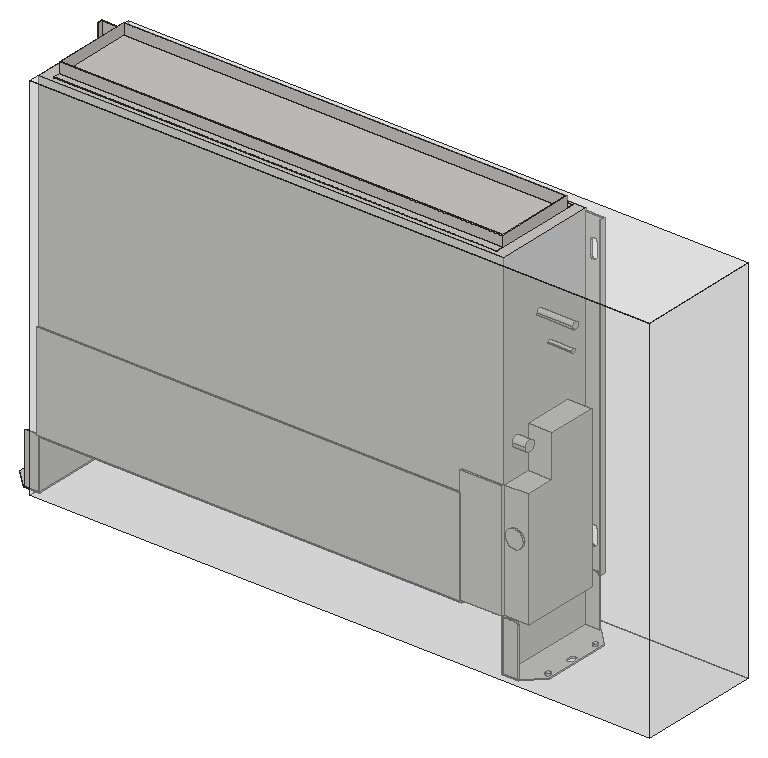
Revit family "outputfile", category 機械設備, Revit 2024
Family settings
  丸型コネクタ寸法 = 半径を使用
  パーツ タイプ = 標準
  OmniClass 番号 = 23.75.10.24.21.27.27
  OmniClass タイトル = Split System Air Conditioning Units
  作業面ベース = いいえ
  常に垂直 = はい
  ロード時にボイドで切り取り = いいえ
  注釈の向きを維持 = いいえ
  共有 = いいえ
  部屋計算ポイント = いいえ
Parameters (values of type "FXNQ50A2VEB")
  Description = ""
  製造元 = "Daikin"
  書き出し IFC クラス(タイプ) = "IfcUnitaryEquipmentType"
  定義済み IFC タイプ(タイプ) = "AIRCONDITIONINGUNIT"
  Cost = 0
  モデル = "FXNQ50A2VEB"
  Type Comments = ""
  Keynote = ""
  Type Image = (empty or 0)
  Assembly Code = ""
  w_hangerfixture = 0.0 mm
  w_dischargeflange = 862.0 mm
  r_Liquid Pipe Size = Liquid Pipe Size / 2  # 3.2 mm
  r_Gas Pipe Size = Gas Pipe Size / 2  # 6.35 mm
  w_mounting foot = 1030.0 mm
  r_Drain Pipe Size = Drain Pipe Size / 2  # 10.0 mm
  h_mountinghole = [h***] + 1.6 mm  # 1.6 mm
  lh_liquidpipe = 193.0 mm
  lh_gaspipe = 130.0 mm
  lh_drainpipe = 330.0 mm
  lh_antena = 725.8 mm  # constant formula
  ld_liquidpipe = 90.0 mm
  ld_gaspipe = 114.0 mm
  ld_drainpipe = 171.0 mm
  h*** = 0.0 mm  # constant formula
  w_front suction = 801.0 mm
  d_pipe_2 = 27.3 mm  # constant formula
  d_pipe_1 = 47.6 mm  # constant formula
  d_pipe = 71.2 mm  # constant formula
  Width = 904.8 mm
  Voltage_comment_60Hz = "220"
  Voltage_comment_50Hz = "220-240"
  Voltage_60Hz = 220 V
  Voltage_50Hz = 220 V
  Version = "ver.1.0"
  Unit Type = "Concealed Floor Standing Type"
  Unit Mass Weight = 27.50 kg
  Unit Designation [instance] = ""
  Uniclass2015Version = "Products v1.30"
  Uniclass2015Title = "Variable refrigerant flow units"
  Uniclass2015Code = "Pr_70_65_03_94"
  URL = ""
  Total Heating Capacity [instance] = 0.000 kW
  Total Cooling Capacity [instance] = 0.000 kW
  Sound Pressure Level_M speed (dBA) = 0
  Sound Pressure Level_L speed (dBA) = 29
  Sound Pressure Level_H speed (dBA) = 33
  Series = "VRV Fan Coil Unit"
  Sensible Cooling Capacity [instance] = 0.000 kW
  SA Duct Size Width = 860.0 mm
  SA Duct Size Height = 154.0 mm
  Refrigerant Type = "R410A"
  Power Input (Heating) = 0.096 kW
  Power Input (Cooling) = 0.099 kW
  Phase_60Hz = 1
  Phase_50Hz = 1
  Option Accessory 3 [instance] = ""
  Option Accessory 2 [instance] = ""
  Option Accessory 1 [instance] = ""
  Nominal Heating Capacity = 6.300 kW
  Nominal Cooling Capacity = 5.600 kW
  Minimum External Static Pressure = 0.00 Pa
  Minimum Circuit Amps_60Hz = 0.5 A
  Minimum Circuit Amps_50Hz = 0.5 A
  Minimum Airflow = 600.00 m³/h
  Median Airflow = 660.00 m³/h
  Maximum Fuse Amps_60Hz = 16.0 A
  Maximum Fuse Amps_50Hz = 16.0 A
  Maximum External Static Pressure = 59.00 Pa
  Maximum Airflow = 750.00 m³/h
  Material_Casing = DAIKIN_GalvanizedSteel_Casing_indoorunit
  Load Classification = HVAC
  Liquid Pipe Size = 6.4 mm
  Link_Nested Family [instance] = ""
  IfcVersion = "0"
  IfcExportType = "AIRCONDITIONINGUNIT"
  IfcExportAs = "IfcUnitaryEquipmentType"
  Height = 623.4 mm
  Heating Entering Wet Bulb Temperature [instance] = 0.00 °C
  Heating Entering Dry Bulb Temperature [instance] = 0.00 °C
  Heating Ambient Wet Bulb Temperature [instance] = 0.00 °C
  Heating Ambient Dry Bulb Temperature [instance] = 0.00 °C
  Heat Exchanger Type = "Cross Fin Coil"
  Gas Pipe Size = 12.7 mm
  Frequency_60Hz = 60 Hz
  Frequency_50Hz = 50 Hz
  Fan Type = "Sirocco Fan"
  Fan Drive = "Direct Drive"
  FCU Tag No. [instance] = ""
  Drain Pipe Size = 20.0 mm
  Design Supply Airflow [instance] = 0.00 m³/h
  Design External Static Pressure [instance] = 0.00 Pa
  Depth = 200.0 mm
  既定の高さ = 0.0 mm
  Cooling Entering Wet Bulb Temperature [instance] = 0.00 °C
  Cooling Entering Dry Bulb Temperature [instance] = 0.00 °C
  Cooling Ambient Wet Bulb Temperature [instance] = 0.00 °C
  Cooling Ambient Dry Bulb Temperature [instance] = 0.00 °C
  Clearance visibility [instance] = yes
  Clearance Top = 0.0 mm
  Clearance Right = 300.0 mm
  Clearance Rear = 20.0 mm
  Clearance Left = 0.0 mm
  Clearance Front = 20.0 mm
  Clearance Bottom = 100.0 mm
Reference planes
  plane 1 "Back": y = 0
  plane 2: z = 0
  plane 3 "Center (Left/Right)": x = 0
  plane 4 "Center (Front/Back)": y = -100
  plane 5 "Front": y = -200
  plane 6 "Left": x = -452.4
  plane 7 "Right": x = 452.4
  plane 8 "Top": z = 726.4
  plane 9: z = 103
  plane 10 "lh_liquidpipe": z = 533.4
  plane 11 "ld_liquidpipe": y = -90
  plane 12 "ld_gaspipe": y = -114
  plane 13 "lh_gaspipe": z = 596.4
  plane 14 "lh_drainpipe": z = 396.4
  plane 15 "ld_drainpipe": y = -171
  plane 16: x = 500
  plane 17: x = 523.6
  plane 18: x = -440
  plane 19: x = 361
  plane 20: z = 111.4
  plane 21: z = 290.8
  plane 22 "lw_powersupply": x = 476.2
  plane 23 "ld_powersupply": y = -150
  plane 24: y = -10
  plane 25: y = -190
  plane 26: x = 515
  plane 27: x = -515
  plane 28: x = 479.7
  plane 29: x = -490
  plane 30: x = 490
  plane 31: z = 723
  plane 32: z = 747.6
  plane 33: z = 726.4
  plane 34: z = 3
  plane 35: x = -452.4
  plane 36: x = 752.4
  plane 37: y = -220
  plane 38: y = 20
  plane 39: x = -505
  plane 40: x = 505
  plane 41: y = -97.5
  plane 42 "Bottom": z = 0
Forms (mm)
  Extrusion 1, solid, material "DAIKIN_GalvanizedSteel_Casing_indoorunit" <- "Material_Casing"
    sketch origin (0, 0, 0) x (1, 0, 0) y (0, 1, 0)
      loop
        line (-452.4, 0) -> (-452.4, -200) -> (452.4, -200) -> (452.4, 0) -> (-452.4, 0)
    from 103 to 726.4
  Extrusion 2, solid, material "DAIKIN_GalvanizedSteel_Casing_indoorunit" <- "Material_Casing"
    sketch origin (452.4, 0, 0) x (0, -1, 0) y (0, 0, -1)
      loop
        circle (90, -533.4) r 3.2
    from 0 to 47.6
  Extrusion 3, solid, material "DAIKIN_GalvanizedSteel_Casing_indoorunit" <- "Material_Casing"
    sketch origin (452.4, 0, 0) x (0, -1, 0) y (0, 0, -1)
      loop
        circle (114, -596.4) r 6.35
    from 0 to 71.2
  Extrusion 4, solid, material "DAIKIN_GalvanizedSteel_Casing_indoorunit" <- "Material_Casing"
    sketch origin (0, -200, 0) x (-1, 0, 0) y (0, 0, 1)
      loop
        line (452.4, 290.8) -> (-371.8, 290.8) -> (-371.8, 103) -> (452.4, 103) -> (452.4, 290.8)
    from 0 to -5
  Extrusion 5, solid, material "DAIKIN_GalvanizedSteel_Casing_indoorunit" <- "Material_Casing"
    sketch origin (452.4, 0, 0) x (0, 1, 0) y (0, 0, 1)
      loop
        line (-198.4, 103.6) -> (-46, 103.6) -> (-46, 413.6) -> (-142.2, 413.6) -> (-142.2, 331.6) -> (-198.4, 331.6) -> (-198.4, 103.6)
    from 0 to 47.6
  Extrusion 6, solid, material "DAIKIN_GalvanizedSteel_Casing_indoorunit" <- "Material_Casing"
    sketch origin (0, 0, 103) x (-1, 0, 0) y (0, -1, 0)
      loop
        line (452.4, 0) -> (452.4, 200) -> (-371.8, 200) -> (-371.8, 0) -> (452.4, 0)
    from 0 to -5
  Extrusion 7, solid, material "DAIKIN_GalvanizedSteel_Casing_indoorunit" <- "Material_Casing"
    sketch origin (452.4, 0, 0) x (0, 1, 0) y (0, 0, 1)
      loop
        circle (-171, 396.4) r 10
    from 0 to 27.3
  Extrusion 8, solid, material "DAIKIN_GalvanizedSteel_Casing_indoorunit" <- "Material_Casing"
    sketch origin (0, 0, 103) x (-1, 0, 0) y (0, -1, 0)
      loop
        line (452.4, 0) -> (490, 0) -> (490, 10) -> (487.7, 10) -> (487.7, 2.3) -> (452.4, 2.3) -> (452.4, 0)
    from 0 to 620
  Extrusion 9, solid, material "DAIKIN_GalvanizedSteel_Casing_indoorunit" <- "Material_Casing"
    sketch origin (0, 0, 103) x (1, 0, 0) y (0, 1, 0)
      loop
        line (452.4, 0) -> (452.4, -2.3) -> (487.7, -2.3) -> (487.7, -10) -> (490, -10) -> (490, 0) -> (452.4, 0)
    from 0 to 620
  Extrusion 10, void
    sketch origin (-452.4, -2.3, 103) x (1, 0, 0) y (0, 0, -1)
      loop
        line (-24.6, -547) -> (-24.6, -573)
        arc (-24.6, -573) -> (-17.6, -580) -> (-10.6, -573) r 7
        line (-10.6, -573) -> (-10.6, -547)
        arc (-10.6, -547) -> (-17.6, -540) -> (-24.6, -547) r 7
      loop
        arc (929.4, -547) -> (922.4, -540) -> (915.4, -547) r 7
        line (915.4, -547) -> (915.4, -573)
        arc (915.4, -573) -> (922.4, -580) -> (929.4, -573) r 7
        line (929.4, -573) -> (929.4, -547)
      loop
        line (-24.6, -47) -> (-24.6, -73)
        arc (-24.6, -73) -> (-17.6, -80) -> (-10.6, -73) r 7
        line (-10.6, -73) -> (-10.6, -47)
        arc (-10.6, -47) -> (-17.6, -40) -> (-24.6, -47) r 7
      loop
        arc (929.4, -47) -> (922.4, -40) -> (915.4, -47) r 7
        line (915.4, -47) -> (915.4, -73)
        arc (915.4, -73) -> (922.4, -80) -> (929.4, -73) r 7
        line (929.4, -73) -> (929.4, -47)
    from 0 to 250
  Extrusion 11, solid, material "DAIKIN_GalvanizedSteel_Casing_indoorunit" <- "Material_Casing"
    sketch origin (452.4, -200, 0) x (-1, 0, 0) y (0, 0, -1)
      loop
        line (80.6, -331.6) -> (80.6, -104.6) -> (0, -104.6) -> (0, -331.6) -> (80.6, -331.6)
    from 0 to 5
  Extrusion 12, solid, material "DAIKIN_GalvanizedSteel_Casing_indoorunit" <- "Material_Casing"
    sketch origin (452.4, -198.4, 331.6) x (0, 0, -1) y (1, 0, 0)
      loop
        circle (86.6, 21.8) r 17.5
    from 0 to 2.6
Cuts and joins
  Extrusion 10 cuts Extrusion 8
  Extrusion 10 cuts Extrusion 9
Dimensions and locks
  "Height": plane 8 "Top" to plane 9
  "Depth": plane 1 "Back" to plane 5 "Front"
  equal spacing: plane 5 "Front", plane 4 "Center (Front/Back)", plane 1 "Back"
  "Width": plane 6 "Left" to plane 7 "Right"
  equal spacing: plane 6 "Left", plane 3 "Center (Left/Right)", plane 7 "Right"
  "ld_liquidpipe": plane 11 "ld_liquidpipe" to plane 1 "Back"
  "lh_liquidpipe": plane 8 "Top" to plane 10 "lh_liquidpipe"
  "ld_gaspipe": plane 12 "ld_gaspipe" to plane 1 "Back"
  "lh_gaspipe": plane 8 "Top" to plane 13 "lh_gaspipe"
  "lh_drainpipe": plane 8 "Top" to plane 14 "lh_drainpipe"
  "ld_drainpipe": plane 15 "ld_drainpipe" to plane 1 "Back"
  "d_pipe_1": plane 16 to plane 7 "Right"
  "d_pipe": plane 17 to plane 7 "Right"
  plane 21 to plane 20 to plane 9 = 179.4 mm locked, 8.4 mm locked
  locked: plane 18 to plane 29 at 50
  "w_front suction": plane 19 to plane 18
  locked: Extrusion 5 sketch curve to Extrusion 5 sketch curve at 96.2
  locked: Extrusion 5 sketch curve to Extrusion 5 sketch curve at 310
  locked: Extrusion 5 sketch curve to Extrusion 5 sketch curve at 152.4
  locked: Extrusion 5 sketch curve to Extrusion 5 sketch curve at 228
  locked: Extrusion 5 sketch curve to plane 9 at 0.6
  locked: plane 7 "Right" to plane 22 "lw_powersupply" at 23.8
  locked: plane 23 "ld_powersupply" to plane 5 "Front" at 50
  locked: plane 24 to plane 1 "Back" at 10
  locked: plane 25 to plane 5 "Front" at 10
  equal spacing: plane 26, plane 3 "Center (Left/Right)", plane 27
  "w_mounting foot": plane 26 to plane 27
  locked: Extrusion 5 sketch curve to plane 1 "Back" at 46
  "d_pipe_2": plane 28 to plane 7 "Right"
  locked: plane 30 to plane 7 "Right" at 37.6
  locked: plane 6 "Left" to plane 29 at 37.6
  locked: Extrusion 10 sketch curve to Extrusion 10 sketch curve at 14  (x6)
  locked: Extrusion 10 sketch curve to Extrusion 10 sketch curve at 26  (x6)
  locked: plane 8 "Top" to plane 31 at 3.4
  locked: cut or joined group of Extrusion 8, Extrusion 10 to Extrusion 10 sketch curve at 17.6
  locked: cut or joined group of Extrusion 8, Extrusion 10 to Extrusion 10 sketch curve at 47
  locked: Extrusion 9 to Extrusion 10 sketch curve at 47
  locked: Extrusion 10 sketch curve to Extrusion 1 at 17.6  (x3)
  locked: Extrusion 10 sketch curve to Extrusion 10 sketch curve at 474  (x2)
  locked: plane 32 to plane 8 "Top" at 21.2
  "Clearance Right": plane 36 to plane 7 "Right"
  "Clearance Left": plane 6 "Left" to plane 35
  "Clearance Bottom": plane 9 to plane 34
  "Clearance Top": plane 33 to plane 8 "Top"
  "Clearance Front": plane 5 "Front" to plane 37
  "Clearance Rear": plane 1 "Back" to plane 38
  locked: plane 27 to plane 39 at 10
  locked: plane 40 to plane 26 at 10
  locked: plane 41 to plane 4 "Center (Front/Back)" at 2.5
  "h***": plane 42 "Bottom" to plane 2
  locked: plane 9 to plane 42 "Bottom" at 103
  locked: Extrusion 11 sketch curve to Extrusion 11 sketch curve at 227
  locked: Extrusion 11 sketch curve to Extrusion 11 sketch curve at 80.6
  locked: Extrusion 11 sketch curve to plane 9 at 1.6
  locked: Extrusion 12 sketch curve to plane 9 at 142
  locked: Extrusion 12 sketch curve to plane 7 "Right" at 21.8
  "Liquid Pipe Size": diameter of Extrusion 2 sketch curve
  "Gas Pipe Size": diameter of Extrusion 3 sketch curve
  "Drain Pipe Size": diameter of Extrusion 7 sketch curve
  aligned and locked: level to plane 2
  aligned and locked: plane 1 "Back" to Extrusion 1 sketch curve
  aligned and locked: plane 6 "Left" to Extrusion 1 sketch curve
  aligned and locked: plane 5 "Front" to Extrusion 1 sketch curve
  aligned and locked: Extrusion 1 sketch curve to plane 7 "Right"
  aligned and locked: plane 8 "Top" to Extrusion 1
  aligned and locked: Extrusion 1 to plane 9
  aligned and locked: plane 9 to nested 1
  aligned and locked: nested 1 to plane 4 "Center (Front/Back)"
  aligned and locked: plane 4 "Center (Front/Back)" to nested 2
  aligned and locked: nested 2 to plane 9
  aligned and locked: plane 11 "ld_liquidpipe" to Extrusion 2 sketch curve
  aligned and locked: plane 10 "lh_liquidpipe" to Extrusion 2 sketch curve
  aligned and locked: plane 16 to Extrusion 2
  aligned and locked: plane 13 "lh_gaspipe" to Extrusion 3 sketch curve
  aligned and locked: plane 12 "ld_gaspipe" to Extrusion 3 sketch curve
  aligned and locked: plane 17 to Extrusion 3
  aligned and locked: plane 21 to Extrusion 4 sketch curve
  aligned and locked: plane 5 "Front" to Extrusion 4
  aligned and locked: plane 22 "lw_powersupply" to nested 3
  aligned and locked: plane 23 "ld_powersupply" to nested 3
  aligned and locked: plane 9 to Extrusion 6
  aligned and locked: nested 1 to plane 26
  aligned and locked: nested 2 to plane 27
  aligned and locked: plane 16 to Extrusion 5
  aligned and locked: Extrusion 5 to nested 3
  aligned and locked: plane 14 "lh_drainpipe" to Extrusion 7 sketch curve
  aligned and locked: plane 15 "ld_drainpipe" to Extrusion 7 sketch curve
  aligned and locked: plane 28 to Extrusion 7
  aligned and locked: nested 4 to plane 12 "ld_gaspipe"
  aligned and locked: nested 4 to Extrusion 3
  aligned and locked: nested 5 to Extrusion 2
  aligned and locked: Extrusion 7 to plane 7 "Right"
  aligned and locked: nested 4 to plane 13 "lh_gaspipe"
  aligned and locked: nested 5 to plane 10 "lh_liquidpipe"
  aligned and locked: nested 6 to plane 15 "ld_drainpipe"
  aligned and locked: plane 28 to nested 6
  aligned and locked: nested 6 to plane 14 "lh_drainpipe"
  aligned and locked: Extrusion 8 to plane 9
  aligned and locked: plane 30 to Extrusion 9
  aligned and locked: Extrusion 9 to plane 7 "Right"
  aligned and locked: Extrusion 8 to plane 29
  aligned and locked: Extrusion 9 to plane 9
  aligned and locked: plane 31 to cut or joined group of Extrusion 8, Extrusion 10
  aligned and locked: plane 31 to Extrusion 9
  aligned and locked: plane 8 "Top" to nested 7
  aligned and locked: nested 7 to plane 32
  aligned and locked: plane 3 "Center (Left/Right)" to nested 7
  aligned and locked: nested 8 to plane 38
  aligned and locked: nested 8 to plane 37
  aligned and locked: plane 33 to nested 8
  aligned and locked: plane 34 to nested 8
  aligned and locked: plane 35 to nested 8
  aligned and locked: plane 36 to nested 8
  aligned and locked: nested 9 to plane 4 "Center (Front/Back)"
  aligned and locked: plane 40 to nested 9
  aligned and locked: nested 10 to plane 4 "Center (Front/Back)"
  aligned and locked: plane 39 to nested 10
  aligned and locked: plane 41 to nested 7
  aligned and locked: Extrusion 11 sketch curve to plane 7 "Right"
  aligned and locked: plane 6 "Left" to Extrusion 4 sketch curve
  aligned and locked: plane 9 to Extrusion 4 sketch curve
  aligned and locked: Extrusion 11 to Extrusion 4 sketch curve
  aligned and locked: plane 1 "Back" to Extrusion 6 sketch curve
  aligned and locked: plane 5 "Front" to Extrusion 6 sketch curve
  aligned and locked: Extrusion 6 to plane 6 "Left"
  aligned and locked: Extrusion 6 to Extrusion 11
Automatic sketch dimensions
  Extrusion 1 sketch curve to plane 5 "Front" = 0.0 mm
  plane 1 "Back" to Extrusion 8 sketch curve = 0.0 mm
  Extrusion 8 sketch curve to plane 6 "Left" = 0.0 mm
  plane 24 to Extrusion 8 sketch curve = 0.0 mm
  Extrusion 8 sketch curve to plane 29 = 0.0 mm
  plane 29 to Extrusion 8 sketch curve = 2.3 mm
  plane 1 "Back" to Extrusion 8 sketch curve = 2.3 mm
  plane 1 "Back" to Extrusion 9 sketch curve = 0.0 mm
  Extrusion 9 sketch curve to plane 7 "Right" = 0.0 mm
  plane 24 to Extrusion 9 sketch curve = 0.0 mm
  Extrusion 9 sketch curve to plane 30 = 0.0 mm
  Extrusion 9 sketch curve to plane 30 = 2.3 mm
  plane 1 "Back" to Extrusion 9 sketch curve = 2.3 mm
  plane 27 to Extrusion 6 sketch curve = 62.6 mm
  Extrusion 6 sketch curve to plane 36 = 380.6 mm
  radius of Extrusion 12 sketch curve = 17.5 mm
Nested families
  nested 1: "daikin_hangerfixture_FXNQ-A2VEB" at (515, -100, 103) x (0, -1, 0) z (0, 0, 1), type "daikin_hangerfixture_FXNQ-A2VEB"
  nested 2: "daikin_hangerfixture_FXNQ-A2VEB" at (-515, -100, 103) x (0, -1, 0) z (0, 0, 1), type "daikin_hangerfixture_FXNQ-A2VEB"
  nested 3: "daikin_connector_rotate2" at (476.2, -150, 153.6) x (1, 0, 0) z (0, -1, 0), type "daikin_connector_rotate2"
    with radius 10.0 mm, length 50.0 mm, angle_vertical 90.00°, show_face no
  nested 4: "daikin_connector_rotate2" at (452.45, -114, 596.4) x (0, 1, 0) z (0, 0, 1), radius <- "r_Gas Pipe Size", type "daikin_connector_rotate2"
    with radius 6.35 mm, length 71.15 mm, angle_vertical 90.00°, show_face no
  nested 5: "daikin_connector_rotate2" at (452.4, -90, 533.4) x (0, 1, 0) z (0, 0, 1), radius <- "r_Liquid Pipe Size", type "daikin_connector_rotate2"
    with radius 3.2 mm, length 47.6 mm, angle_vertical 90.00°, show_face no
  nested 6: "daikin_connector_rotate2" at (452.4, -171, 396.4) x (0, 1, 0) z (0, 0, 1), radius <- "r_Drain Pipe Size", type "daikin_connector_rotate2"
    with radius 10.0 mm, length 27.3 mm, angle_vertical 90.00°, show_face no
  nested 7: "daikin_ductflange_FXNQ-A2VEB" at (0, -189, 726.4) x (1, 0, 0) z (0, 1, 0), width <- "w_dischargeflange", material <- "Material_Casing", type "daikin_ductflange_FXNQ-A2VEB"
    with width 862.0 mm, material DAIKIN_GalvanizedSteel_Casing_indoorunit, height 183.0 mm, depth 21.2 mm
  nested 8: "daikin_clearancespace" at (150, -100, 364.819), visible <- "Clearance visibility", show <- "Clearance visibility", Link_Nested Family <- "Link_Nested Family", type "daikin_clearancespace"
    with width 1204.8 mm, show yes, height 723.4 mm, depth 240.0 mm, Link_Nested Family ""
  nested 9: "daikin_mountinghole" at (505, -100, 0), Link_Nested Family <- "Link_Nested Family", h_mountinghole <- "h_mountinghole", l_antenna <- "lh_antena", type "daikin_mountinghole"
    with show yes, l_antenna 725.8 mm, h_mountinghole 1.6 mm, Link_Nested Family ""
  nested 10: "daikin_mountinghole" at (-505, -100, 0), Link_Nested Family <- "Link_Nested Family", h_mountinghole <- "h_mountinghole", l_antenna <- "lh_antena", type "daikin_mountinghole"
    with show yes, l_antenna 725.8 mm, h_mountinghole 1.6 mm, Link_Nested Family ""
Connectors
  electrical at (476.2, -150, 103.6), driven by "Load Classification"
    settings: on nested 3, index 4, voltage 0 V, apparent load 0 VA, apparent load phase1 0 VA, apparent load phase2 0 VA, apparent load phase3 0 VA, power factor 1, load classification "HVAC", number of poles 1, system type 30, power factor state 1, is connector primary yes, connector utility no, sub classification motor no, connector description "Power Supply"
  piping at (523.6, -114, 596.4), diameter 12.7, driven by "r_Gas Pipe Size"
    settings: on nested 4, index 6, connector inside diameter 609.6 mm, connector length 0.0 mm, flow factor 0, pipe flow 0.00 m³/h, pressure drop 0.0 Pa, fitting loss kfactor 0, connector angle 0.00°, fixture units 0, engagement length 0.0 mm, angle of deflection 0.00°, flow configuration 1, flow direction 2, fitting loss method 0, system type 29, joint type 0, gender type 0, connector reference index -1, connector utility 0, adjustable connector no, is connector primary yes, connector description "Refrigerant Gas Piping"
  piping at (500, -90, 533.4), diameter 6.4, driven by "r_Liquid Pipe Size"
    settings: on nested 5, index 7, connector inside diameter 609.6 mm, connector length 0.0 mm, flow factor 0, pipe flow 0.00 m³/h, pressure drop 0.0 Pa, fitting loss kfactor 0, connector angle 0.00°, fixture units 0, engagement length 0.0 mm, angle of deflection 0.00°, flow configuration 1, flow direction 1, fitting loss method 0, system type 29, joint type 0, gender type 0, connector reference index -1, connector utility 0, adjustable connector no, is connector primary no, connector description "Refrigerant Liquid Piping"
  piping at (479.7, -171, 396.4), diameter 20, driven by "r_Drain Pipe Size"
    settings: on nested 6, index 8, connector inside diameter 609.6 mm, connector length 0.0 mm, flow factor 0, pipe flow 0.00 m³/h, pressure drop 0.0 Pa, fitting loss kfactor 0, connector angle 0.00°, fixture units 0, engagement length 0.0 mm, angle of deflection 0.00°, flow configuration 1, flow direction 2, fitting loss method 4, system type 16, joint type 0, gender type 0, connector reference index -1, connector utility 0, adjustable connector no, is connector primary no, connector description "Condensate Drain Piping"
  hvac at (0, -97.5, 747.6), driven by "SA Duct Size Width", driven by "SA Duct Size Height"
    settings: on nested 7, index 9, duct flow 0.00 m³/h, flow factor 0, pres drop 0.00 Pa, loss coef 0, conn angle 0.00°, conn width 860.0 mm, conn height 154.0 mm, conn diameter 609.6 mm, duct sys type 1, conn prof type 1, flow config 0, flow direction 2, loss method 4, conn ref index -1, conn util no, is conn primary yes, conn desc "SA Duct"
Definition of nested family "daikin_hangerfixture_FXNQ-A2VEB"
  Parameters (values of type "daikin_hangerfixture_FXNQ-A2VEB")
    width = 200.0 mm
    material = none
    height = 103.0 mm
    depth = 84.2 mm
    Default Elevation = 0.0 mm
  Reference planes
    plane 1 "Center (Front/Back)": y = 0
    plane 2: z = 0
    plane 3 "Center (Left/Right)": x = 0
    plane 4: y = -84.2
    plane 5: x = -100
    plane 6: x = 100
    plane 7: z = -103
    plane 8: x = 98.4
    plane 9: x = -98.4
  Forms (mm)
    Extrusion 1, solid, material <- "material"
      sketch origin (0, 0, 0) x (0, 1, 0) y (0, 0, 1)
        loop
          line (-84.2, 0) -> (-84.2, -1.6) -> (-65.2, -1.6) -> (-65.2, -101.4)
          arc (-65.2, -101.4) -> (-64.731, -102.531) -> (-63.6, -103) r 1.6
          line (-63.6, -103) -> (0, -103) -> (0, -101.4) -> (-63.6, -101.4) -> (-63.6, 0) -> (-84.2, 0)
      from -100 to 100
    Extrusion 2, void
      sketch origin (0, 0, -101.4) x (1, 0, 0) y (0, -1, 0)
        loop
          line (-100, 0) -> (-66, 0) -> (-100, 34) -> (-100, 0)
        loop
          line (100, 0) -> (100, 34) -> (66, 0) -> (100, 0)
        loop
          line (-3, 4) -> (3, 4)
          arc (3, 4) -> (9, 10) -> (3, 16) r 6
          line (3, 16) -> (-3, 16)
          arc (-3, 16) -> (-9, 10) -> (-3, 4) r 6
      from 0 to 1.6
    Extrusion 3, solid, material <- "material"
      sketch origin (0, 0, 0) x (0, 1, 0) y (0, 0, 1)
        loop
          line (-63.6, -1.8) -> (-63.6, -101.4) -> (-35, -101.4) -> (-35, -6.8)
          arc (-35, -6.8) -> (-36.464, -3.264) -> (-40, -1.8) r 5
          line (-40, -1.8) -> (-63.6, -1.8)
      from 98.4 to 100
    Extrusion 4, solid, material <- "material"
      sketch origin (-265, -1.4, 0) x (0, 1, 0) y (0, 0, 1)
        loop
          line (-62.2, -1.8) -> (-62.2, -101.4) -> (-33.6, -101.4) -> (-33.6, -7.36)
          arc (-33.6, -7.36) -> (-35.228, -3.428) -> (-39.16, -1.8) r 5.56
          line (-39.16, -1.8) -> (-62.2, -1.8)
      from 165 to 166.6
    Extrusion 5, solid, material <- "material"
      sketch origin (0, 0, -101.4) x (0, -1, 0) y (1, 0, 0)
        loop
          circle (10, -57.85) r 4.1
        loop
          circle (10, 57.85) r 4.1
      from 0 to 2.6
    Extrusion 6, solid, material <- "material"
      sketch origin (0, 0, 0) x (1, 0, 0) y (0, 0, 1)
        loop
          line (-63.4, 25.35) -> (-72.9, 25.35)
          arc (-72.9, 25.35) -> (-76.436, 23.886) -> (-77.9, 20.35) r 5
          line (-77.9, 20.35) -> (-77.9, 0) -> (-58.4, 0) -> (-58.4, 20.35)
          arc (-58.4, 20.35) -> (-59.864, 23.886) -> (-63.4, 25.35) r 5
        loop
          circle (-68.15, 15.6) r 6
      from 63.6 to 65.2
  Cuts and joins
    Extrusion 2 cuts Extrusion 1
  Dimensions and locks
    "width": plane 5 to plane 6
    "depth": plane 4 to plane 1 "Center (Front/Back)"
    equal spacing: plane 5, plane 3 "Center (Left/Right)", plane 6
    "height": level to plane 7
    locked: Extrusion 3 sketch curve to Extrusion 3 sketch curve at 99.6
    locked: Extrusion 3 sketch curve to Extrusion 3 sketch curve at 28.6
    locked: plane 8 to plane 6 at 1.6
    locked: plane 5 to plane 9 at 1.6
    locked: Extrusion 4 sketch curve to Extrusion 4 sketch curve at 99.6
    locked: Extrusion 4 sketch curve to Extrusion 4 sketch curve at 28.6
    locked: Extrusion 5 sketch curve to plane 6 at 42.15
    locked: plane 5 to Extrusion 5 sketch curve at 42.15
    locked: Extrusion 5 sketch curve to plane 1 "Center (Front/Back)" at 10  (x2)
    locked: Extrusion 6 sketch curve to Extrusion 6 sketch curve at 25.35
    locked: Extrusion 6 sketch curve to Extrusion 6 sketch curve at 19.5
    locked: Extrusion 6 sketch curve to plane 5 at 22.1
    locked: Extrusion 6 sketch curve to Extrusion 6 sketch curve at 9.75
    radius of Extrusion 3 sketch curve = 5.0 mm
    radius of Extrusion 4 sketch curve = 5.56 mm
    radius of Extrusion 5 sketch curve = 4.1 mm  (x2)
    aligned and locked: level to plane 2
    aligned and locked: Extrusion 1 to plane 5
    aligned and locked: plane 6 to Extrusion 1
    aligned and locked: Extrusion 1 to plane 1 "Center (Front/Back)"
    aligned and locked: Extrusion 1 to plane 4
    aligned and locked: cut or joined group of Extrusion 1, Extrusion 2 to Extrusion 3 sketch curve  (x2)
    aligned and locked: plane 6 to Extrusion 3
    aligned and locked: Extrusion 3 to plane 8
    aligned and locked: Extrusion 4 to plane 5
    aligned and locked: plane 9 to Extrusion 4
    aligned and locked: Extrusion 4 to cut or joined group of Extrusion 1, Extrusion 2
    aligned and locked: level to Extrusion 6 sketch curve
    aligned and locked: cut or joined group of Extrusion 1, Extrusion 2 to Extrusion 6  (x2)
  Automatic sketch dimensions
    Extrusion 1 sketch curve to plane 4 = 0.0 mm
    Extrusion 1 sketch curve to plane 7 = 0.0 mm
    Extrusion 1 sketch curve to plane 1 "Center (Front/Back)" = 0.0 mm
    Extrusion 1 sketch curve to Extrusion 1 sketch curve = 0.0 mm  (x2)
    Extrusion 2 sketch curve to Extrusion 1 = 0.0 mm  (x2)
    Extrusion 1 to Extrusion 2 sketch curve = 0.0 mm  (x2)
    Extrusion 1 to Extrusion 2 sketch curve = 34.0 mm  (x2)
    Extrusion 1 to Extrusion 2 sketch curve = 10.0 mm
    Extrusion 2 sketch curve to Extrusion 2 sketch curve = 63.0 mm
    Extrusion 2 sketch curve to Extrusion 2 sketch curve = 6.0 mm  (x2)
    Extrusion 2 sketch curve to Extrusion 1 = 29.6 mm  (x2)
    Extrusion 4 sketch curve to level = 1.8 mm
    plane 4 to Extrusion 4 sketch curve = 20.6 mm
    Extrusion 6 sketch curve to Extrusion 6 sketch curve = 5.0 mm  (x2)
    Extrusion 6 sketch curve to Extrusion 6 sketch curve = 4.75 mm
    Extrusion 1 sketch curve to level = 1.6 mm
    plane 4 to Extrusion 1 sketch curve = 19.0 mm
    Extrusion 1 sketch curve to Extrusion 1 sketch curve = 1.6 mm
    Extrusion 1 sketch curve to level = 0.0 mm
    radius of Extrusion 6 sketch curve = 6.0 mm
Definition of nested family "daikin_ductflange_FXNQ-A2VEB"
  Parameters (values of type "daikin_ductflange_Exhaust Duct")
    width [instance] = 662.0 mm
    material [instance] = none
    height [instance] = 183.0 mm
    depth [instance] = 21.2 mm
    Default Elevation = 0.0 mm
  Reference planes
    plane 1 "Center (Front/Back)": y = 0
    plane 2: z = 0
    plane 3 "Center (Left/Right)": x = 0
    plane 4: y = -21.2
    plane 5: x = -331
    plane 6: x = 331
    plane 7 "Top": z = 183
    plane 8: y = -1
    plane 9: z = 168.5
    plane 10: z = 14.5
    plane 11 "Center (Elevation)": z = 91.5
    plane 12: x = -330
    plane 13: x = 330
  Forms (mm)
    Extrusion 1, solid, material <- "material"
      sketch origin (0, 0, 0) x (1, 0, 0) y (0, 0, 1)
        loop
          line (-331, 183) -> (-331, 0) -> (331, 0) -> (331, 183) -> (-331, 183)
        loop
          line (-330, 168.5) -> (-330, 14.5) -> (330, 14.5) -> (330, 168.5) -> (-330, 168.5)
      from 0 to 1
    Extrusion 2, solid, material <- "material"
      sketch origin (0, 0, 0) x (1, 0, 0) y (0, 1, 0)
        loop
          line (-331, -1) -> (-331, -21.2) -> (-330, -21.2) -> (-330, -1) -> (-331, -1)
        loop
          line (330, -1) -> (330, -21.2) -> (331, -21.2) -> (331, -1) -> (330, -1)
      from 14.5 to 168.5
    Extrusion 3, solid, material <- "material"
      sketch origin (0, 0, 0) x (0, 1, 0) y (0, 0, 1)
        loop
          line (-1, 168.5) -> (-1, 169.458) -> (-21.2, 169.458) -> (-21.2, 168.5) -> (-1, 168.5)
        loop
          line (-1, 14.5) -> (-21.2, 14.5) -> (-21.2, 13.542) -> (-1, 13.542) -> (-1, 14.5)
      from -331 to 331
  Cuts and joins
    joined: Extrusion 1, Extrusion 2, Extrusion 3
  Dimensions and locks
    "height": plane 7 "Top" to plane 2
    "width": plane 5 to plane 6
    equal spacing: plane 5, plane 3 "Center (Left/Right)", plane 6
    "depth": plane 1 "Center (Front/Back)" to plane 4
    locked: plane 8 to plane 1 "Center (Front/Back)" at 1
    locked: plane 7 "Top" to plane 9 at 14.5
    locked: plane 10 to plane 2 at 14.5
    equal spacing: plane 7 "Top", plane 11 "Center (Elevation)", plane 2
    locked: Extrusion 3 sketch curve to Extrusion 2 at 0.958  (x2)
    locked: plane 7 "Top" to Extrusion 1 sketch curve at 14.5
    locked: Extrusion 1 sketch curve to plane 2 at 14.5
    locked: plane 12 to plane 5 at 1
    locked: plane 6 to plane 13 at 1
    aligned and locked: level to plane 2
    aligned and locked: Extrusion 1 sketch curve to plane 7 "Top"
    aligned and locked: plane 5 to Extrusion 1 sketch curve
    aligned and locked: Extrusion 1 sketch curve to plane 6
    aligned and locked: plane 2 to Extrusion 1 sketch curve
    aligned and locked: Extrusion 1 to plane 8
    aligned and locked: plane 9 to Extrusion 2
    aligned and locked: Extrusion 2 to plane 10
    aligned and locked: plane 8 to Extrusion 3 sketch curve
    aligned and locked: Extrusion 3 sketch curve to plane 9
    aligned and locked: Extrusion 3 sketch curve to plane 8
    aligned and locked: Extrusion 3 sketch curve to plane 10
    aligned and locked: Extrusion 3 to plane 5
    aligned and locked: plane 6 to Extrusion 3
    aligned and locked: plane 4 to Extrusion 3 sketch curve
    aligned and locked: Extrusion 3 sketch curve to plane 4
    aligned and locked: plane 5 to Extrusion 2 sketch curve
    aligned and locked: Extrusion 2 sketch curve to plane 12
    aligned and locked: Extrusion 2 sketch curve to plane 6
    aligned and locked: plane 13 to Extrusion 2 sketch curve
    aligned and locked: Extrusion 2 sketch curve to plane 8
    aligned and locked: plane 4 to Extrusion 2 sketch curve
    aligned and locked: plane 12 to Extrusion 1 sketch curve
    aligned and locked: Extrusion 1 sketch curve to plane 13
  Automatic sketch dimensions
    Extrusion 2 sketch curve to plane 4 = 0.0 mm
    Extrusion 2 sketch curve to plane 8 = 0.0 mm
Definition of nested family "daikin_clearancespace"
  Parameters (values of type "daikin_clearancespace")
    width [instance] = 1823.963 mm
    show [instance] = yes
    material = none
    height [instance] = 1359.762 mm
    depth [instance] = 880.0 mm
    Default Elevation = 0.0 mm
    Link_Nested Family [instance] = ""
  Reference planes
    plane 1 "Center (Front/Back)": y = 0
    plane 2 "Center (Elevation)": z = -0.119
    plane 3 "Center (Left/Right)": x = 0
    plane 4: y = 440
    plane 5: y = -440
    plane 6 "Right": x = 911.982
    plane 7 "Left": x = -911.982
    plane 8 "Top": z = 679.762
    plane 9 "Bottom": z = -680
  Forms (mm)
    Extrusion 1, solid, material <- "material", visible <- "show"
      sketch origin (0, 0, 0) x (1, 0, 0) y (0, 1, 0)
        loop
          line (-911.982, 440) -> (-911.982, -440) -> (911.982, -440) -> (911.982, 440) -> (-911.982, 440)
      from -680 to 679.762
  Lines and regions (mm)
    symbolic lines, visible <- "show"
      curve 1: line (911.982, 440, 0) -> (-911.982, 440, 0)
      curve 2: line (-911.982, 440, 0) -> (-911.982, -440, 0)
      curve 3: line (-911.982, -440, 0) -> (911.982, -440, 0)
      curve 4: line (911.982, -440, 0) -> (911.982, 440, 0)
      curve 5: line (911.982, 0, 679.762) -> (-911.982, 0, 679.762)
      curve 6: line (911.982, 0, -680) -> (911.982, 0, 679.762)
      curve 7: line (-911.982, 0, -680) -> (911.982, 0, -680)
      curve 8: line (-911.982, 0, 679.762) -> (-911.982, 0, -680)
      curve 9: line (0, 440, 679.762) -> (0, -440, 679.762)
      curve 10: line (0, -440, 679.762) -> (0, -440, -680)
      curve 11: line (0, 440, -680) -> (0, 440, 679.762)
      curve 12: line (0, -440, -680) -> (0, 440, -680)
  Dimensions and locks
    "width": plane 7 "Left" to plane 6 "Right"
    "depth": plane 4 to plane 5
    "height": plane 8 "Top" to plane 9 "Bottom"
    equal spacing: plane 7 "Left", plane 3 "Center (Left/Right)", plane 6 "Right"
    equal spacing: plane 4, plane 1 "Center (Front/Back)", plane 5
    equal spacing: plane 8 "Top", plane 2 "Center (Elevation)", plane 9 "Bottom"
    aligned and locked: level to plane 2 "Center (Elevation)"
    aligned and locked: Extrusion 1 sketch curve to plane 4
    aligned and locked: plane 7 "Left" to Extrusion 1 sketch curve
    aligned and locked: Extrusion 1 sketch curve to plane 5
    aligned and locked: Extrusion 1 sketch curve to plane 6 "Right"
    aligned and locked: plane 8 "Top" to Extrusion 1
    aligned and locked: curve 1 to Extrusion 1
    aligned and locked: curve 2 to Extrusion 1
    aligned and locked: curve 3 to Extrusion 1
    aligned and locked: curve 4 to Extrusion 1
    aligned and locked: curve 5 to Extrusion 1
    aligned and locked: curve 6 to Extrusion 1
    aligned and locked: curve 7 to Extrusion 1
    aligned and locked: curve 8 to Extrusion 1
    aligned and locked: curve 9 to Extrusion 1
    aligned and locked: curve 10 to Extrusion 1
    aligned and locked: curve 11 to Extrusion 1
    aligned and locked: curve 12 to Extrusion 1
    aligned and locked: Extrusion 1 to plane 9 "Bottom"
Definition of nested family "daikin_connector_rotate2"
  Parameters (values of type "daikin_connector_rotate2")
    show_face = yes
    radius [instance] = 10.0 mm
    length [instance] = 600.0 mm
    d_surface = 10.0 mm
    angle_vertical [instance] = 90.00°
    Default Elevation = 0.0 mm
  Reference planes
    plane 1 "Center (Front/Back)": y = 0
    plane 2: z = 0
    plane 3 "Center (Left/Right)": x = 0
  Forms (mm)
    Extrusion 1, solid, visible <- "show_face"
      sketch origin (0, -600, 0) x (1, 0, 0) y (0, 0, 1)
        loop
          circle (0, 0) r 10
      from 0 to -10
  Lines and regions (mm)
    reference lines
      curve 1: line (0, 0, 0) -> (0, -600, 0)
    symbolic lines
      curve 2: circle (0, 0, 0) r 5 normal (0, 0, 1)
    model lines, visible <- "show_face"
      curve 3: line (0, 0, 0) -> (0, -600, 0)
  Dimensions and locks
    "length": curve 1 to curve 1
    "length": curve 3 to curve 3
    "d_surface": Extrusion 1 to Extrusion 1
    "radius": radius of Extrusion 1 sketch curve
    "angle_vertical": angle curve 1 to plane 1 "Center (Front/Back)"
    "angle_vertical": angle curve 3 to plane 1 "Center (Front/Back)"
    aligned and locked: level to plane 2
    aligned and locked: plane 1 "Center (Front/Back)" to curve 1
    aligned and locked: plane 2 to curve 1
    aligned and locked: plane 1 "Center (Front/Back)" to curve 2
    aligned and locked: plane 3 "Center (Left/Right)" to curve 2
    aligned and locked: plane 1 "Center (Front/Back)" to curve 3
    aligned and locked: plane 2 to curve 3
    aligned and locked: Extrusion 1 to Extrusion 1
  Automatic sketch dimensions
    Extrusion 1 sketch curve to level = 0.0 mm
    Extrusion 1 sketch curve to plane 3 "Center (Left/Right)" = 0.0 mm
    radius of curve 2 = 5.0 mm
Definition of nested family "daikin_mountinghole"
  Parameters (values of type "daikin_mountinghole")
    Default Elevation = 1219.2 mm
    Type Comments = "mountinghole"
    show [instance] = yes
    material = none
    l_centerline = 100.0 mm
    l_antenna [instance] = 100.0 mm
    h_mountinghole [instance] = 0.0 mm
    d_circle = 30.0 mm
    Link_Nested Family [instance] = ""
  Reference planes
    plane 1 "Center (Front/Back)": y = 0
    plane 2: z = 0
    plane 3 "Center (Left/Right)": x = 0
    plane 4: y = 50
    plane 5: x = -50
    plane 6: x = 50
    plane 7: y = -50
    plane 8 "h_mountinghole": z = 0
    plane 9: z = 100
  Lines and regions (mm)
    model lines, detail levels fine
      curve 1: circle (0, 0, 0) r 15 normal (0, 0, 1)
      curve 2: line (-50, 0, 0) -> (50, 0, 0)
      curve 3: line (0, 50, 0) -> (0, -50, 0)
    symbolic lines, detail levels fine
      curve 4: circle (0, 0, 0) r 15 normal (0, 0, 1)
      curve 5: line (-50, 0, 0) -> (50, 0, 0)
      curve 6: line (0, 50, 0) -> (0, -50, 0)
    model lines
      curve 7: line (0, 0, 100) -> (0, 0, 0)
  Dimensions and locks
    equal spacing: plane 4, plane 1 "Center (Front/Back)", plane 7
    "l_centerline": plane 4 to plane 7
    equal spacing: plane 5, plane 3 "Center (Left/Right)", plane 6
    "l_centerline": plane 5 to plane 6
    "l_antenna": plane 9 to plane 8 "h_mountinghole"
    "h_mountinghole": plane 8 "h_mountinghole" to plane 2
    "d_circle": diameter of curve 1
    "d_circle": diameter of curve 4
    aligned and locked: level to plane 2
    aligned and locked: plane 1 "Center (Front/Back)" to curve 1
    aligned and locked: plane 3 "Center (Left/Right)" to curve 1
    aligned and locked: plane 1 "Center (Front/Back)" to curve 2
    aligned and locked: curve 3 to plane 3 "Center (Left/Right)"
    aligned and locked: plane 6 to curve 2
    aligned and locked: plane 5 to curve 2
    aligned and locked: plane 4 to curve 3
    aligned and locked: plane 7 to curve 3
    aligned and locked: plane 1 "Center (Front/Back)" to curve 4
    aligned and locked: plane 3 "Center (Left/Right)" to curve 4
    aligned and locked: plane 6 to curve 5
    aligned and locked: plane 5 to curve 5
    aligned and locked: plane 1 "Center (Front/Back)" to curve 5
    aligned and locked: plane 4 to curve 6
    aligned and locked: plane 7 to curve 6
    aligned and locked: curve 6 to plane 3 "Center (Left/Right)"
    aligned and locked: curve 7 to plane 3 "Center (Left/Right)"
    aligned and locked: plane 9 to curve 7
    aligned and locked: plane 8 "h_mountinghole" to curve 7
